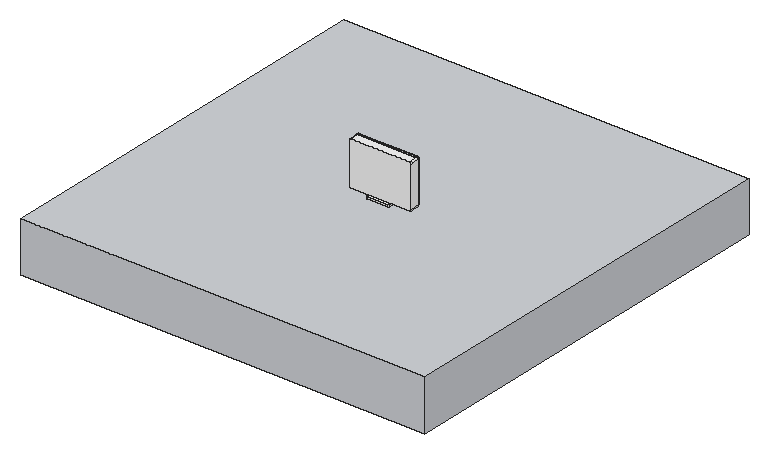
Revit family "SEWL-C", category Lighting Fixtures, host Face, Revit 2012
Parameters (values of type "SEWL")
  Wattage Comments = "2.64-3.50W"
  Wattage = 9.2903 W
  built-in parameter 1150110 = 1 (stored number, unit not read)
  URL = "http://www.dual-lite.com/"
  built-in parameter 1114217 = 1 (stored number, unit not read)
  built-in parameter 1150109 = 1 (stored number, unit not read)
  built-in parameter 1150134 = 3
  built-in parameter 1150113 = 1 (stored number, unit not read)
  Product Page URL = "http://www.dual-lite.com/products/sewl_series/"
  Product Documentation Link = "http://www.dual-lite.com/content/products/specs/specs_files/0603428b_sewl_spec_sheet.pdf"
  Mounting = "Wall Mount"  # constant formula
  Model = "SEWL"  # constant formula
  Manufacturer Phone = "(864)-678-1000"  # constant formula
  Manufacturer Fax = "(864)-678-1415"  # constant formula
  Manufacturer = "Dual-Lite"  # constant formula
  built-in parameter 1150105 = 109.82 (stored number, unit not read)
  Lumens = 1380 lm
  built-in parameter 1150115 = 1 (stored number, unit not read)
  Light Source Symbol Size = 0.200"
  built-in parameter 1150137 = (empty or 0)
  built-in parameter 1150139 = (empty or 0)
  Lettering = Red
  built-in parameter 1150112 = 1 (stored number, unit not read)
  built-in parameter 1150114 = 1 (stored number, unit not read)
  Lamp = "LED"  # constant formula
  built-in parameter 1150132 = (empty or 0)
  built-in parameter 1150102 = (empty or 0)
  built-in parameter 1150107 = 3200 (stored number, unit not read)
  built-in parameter 1150138 = (empty or 0)
  built-in parameter 1150106 = 1.0982 (stored number, unit not read)
  Glass = Glass
  Family = "Outdoor Emergency Lighting"  # constant formula
  Emit from Line Length = 14.000"
  built-in parameter 1150104 = 13.8 (stored number, unit not read)
  Dimming Lamp Color Temperature Shift = <None>
  Description = "Exit Sign, Harsh Environment, Die-Cast Aluminum Housing"  # constant formula
  Default Elevation = 48.000"
  Color Filter = 16777215
  built-in parameter 1114218 = 1 (stored number, unit not read)
  Backbox = White
  built-in parameter 1150133 = 10 (stored number, unit not read)
Reference planes (in)
  plane 1 "Center (Front/Back)": y = 0.03999
  plane 2: z = 0.06357
  plane 3 "Center (Left/Right)": x = 0
  plane 4: x = -7.34375
  plane 5: y = 9.80179
  plane 6: z = 10.93507
  plane 7: x = 7.34375
  plane 8: z = 0.43426
  plane 9: y = -1.19361
  plane 10: y = 1.27359
  plane 11: y = -1.19361
  plane 12: y = -0.81857
  plane 13: z = 5.49907
  plane 14: y = 2.05222
  plane 15: y = -1.97223
  plane 16: z = 5.51289
  plane 17: z = 5.51289
  plane 18: y = 0.89855
Forms (in)
  Extrusion 1, solid
    sketch origin (0, 0, 0.06357) x (1, 0, 0) y (0, 1, 0)
      loop
        line (-48, 48) -> (-48, -48) -> (48, -48) -> (48, 48) -> (-48, 48)
    from 0 to -12
  Extrusion 2, solid, material "White" <- "Backbox"
    sketch origin (0, 0, 0.06357) x (1, 0, 0) y (0, 1, 0)
      loop
        line (-2.625, 1.85222) -> (-2.625, 0.03999) -> (-2.625, -1.77223)
        arc (-2.625, -1.77223) -> (-2.56642, -1.91365) -> (-2.425, -1.97223) r 0.2
        line (-2.425, -1.97223) -> (2.425, -1.97223)
        arc (2.425, -1.97223) -> (2.56642, -1.91365) -> (2.625, -1.77223) r 0.2
        line (2.625, -1.77223) -> (2.625, 0.03999) -> (2.625, 1.85222)
        arc (2.625, 1.85222) -> (2.56642, 1.99364) -> (2.425, 2.05222) r 0.2
        line (2.425, 2.05222) -> (-2.425, 2.05222)
        arc (-2.425, 2.05222) -> (-2.56642, 1.99364) -> (-2.625, 1.85222) r 0.2
    from 0 to 0.37069
  Extrusion 3, solid, material "White" <- "Backbox"
    sketch origin (0, 0.03999, 0) x (1, 0, 0) y (0, 0, 1)
      loop
        arc (-6.94375, 10.93507) -> (-7.22659, 10.81791) -> (-7.34375, 10.53507) r 0.4
        line (-7.34375, 10.53507) -> (-7.34375, 0.83426)
        arc (-7.34375, 0.83426) -> (-7.22659, 0.55141) -> (-6.94375, 0.43426) r 0.4
        line (-6.94375, 0.43426) -> (6.94375, 0.43426)
        arc (6.94375, 0.43426) -> (7.22659, 0.55141) -> (7.34375, 0.83426) r 0.4
        line (7.34375, 0.83426) -> (7.34375, 10.53507)
        arc (7.34375, 10.53507) -> (7.22659, 10.81791) -> (6.94375, 10.93507) r 0.4
        line (6.94375, 10.93507) -> (-6.94375, 10.93507)
    from -0.71562 to 1.2336
  Extrusion 4, solid, material "Glass" <- "Glass"
    sketch origin (0, 0.03999, 0) x (1, 0, 0) y (0, 0, 1)
      loop
        line (-7.34375, 10.53507) -> (-7.34375, 0.83426)
        arc (-7.34375, 0.83426) -> (-7.22659, 0.55141) -> (-6.94375, 0.43426) r 0.4
        line (-6.94375, 0.43426) -> (6.94375, 0.43426)
        arc (6.94375, 0.43426) -> (7.22659, 0.55141) -> (7.34375, 0.83426) r 0.4
        line (7.34375, 0.83426) -> (7.34375, 10.53507)
        arc (7.34375, 10.53507) -> (7.22659, 10.81791) -> (6.94375, 10.93507) r 0.4
        line (6.94375, 10.93507) -> (-6.94375, 10.93507)
        arc (-6.94375, 10.93507) -> (-7.22659, 10.81791) -> (-7.34375, 10.53507) r 0.4
      loop
        line (-7.24375, 10.53507) -> (-7.24375, 0.83426)
        arc (-7.24375, 0.83426) -> (-7.15588, 0.62213) -> (-6.94375, 0.53426) r 0.3
        line (-6.94375, 0.53426) -> (6.94375, 0.53426)
        arc (6.94375, 0.53426) -> (7.15588, 0.62213) -> (7.24375, 0.83426) r 0.3
        line (7.24375, 0.83426) -> (7.24375, 10.53507)
        arc (7.24375, 10.53507) -> (7.15588, 10.7472) -> (6.94375, 10.83507) r 0.3
        line (6.94375, 10.83507) -> (-6.94375, 10.83507)
        arc (-6.94375, 10.83507) -> (-7.15588, 10.7472) -> (-7.24375, 10.53507) r 0.3
    from -1.2336 to -0.71562
  Extrusion 5, solid, material "White" <- "Backbox"
    sketch origin (0, 0.03999, 0) x (1, 0, 0) y (0, 0, -1)
      loop
        line (-6.14375, -9.73507) -> (6.14375, -9.73507) -> (6.14375, -1.26357) -> (-6.14375, -1.26357) -> (-6.14375, -9.73507)
    from 0.71562 to 0.85856
  Extrusion 6, solid, material "Glass" <- "Glass"
    sketch origin (0, 0.03999, 0) x (1, 0, 0) y (0, 0, 1)
      loop
        arc (-7.24375, 0.83426) -> (-7.15588, 0.62213) -> (-6.94375, 0.53426) r 0.3
        line (-6.94375, 0.53426) -> (6.94375, 0.53426)
        arc (6.94375, 0.53426) -> (7.15588, 0.62213) -> (7.24375, 0.83426) r 0.3
        line (7.24375, 0.83426) -> (7.24375, 10.53507)
        arc (7.24375, 10.53507) -> (7.15588, 10.7472) -> (6.94375, 10.83507) r 0.3
        line (6.94375, 10.83507) -> (-6.94375, 10.83507)
        arc (-6.94375, 10.83507) -> (-7.15588, 10.7472) -> (-7.24375, 10.53507) r 0.3
        line (-7.24375, 10.53507) -> (-7.24375, 0.83426)
    from -1.2336 to -1.1094
  Extrusion 7, solid, material "Red" <- "Lettering"
    sketch origin (1.01086, 0.07998, 10.39252) x (-1, 0, 0) y (0, 0, 1)
      loop
        line (4.26086, -7.32353) -> (3.07884, -7.32353) -> (3.07884, -7.82353) -> (4.76086, -7.82353) -> (4.76086, -4.92704) -> (4.76086, -2.03056) -> (3.07884, -2.03056) -> (3.07884, -2.53056) -> (4.26086, -2.53056) -> (4.26086, -4.61247) -> (3.07884, -4.61247) -> (3.07884, -4.92704) -> (3.07884, -5.24161) -> (4.26086, -5.24161) -> (4.26086, -7.32353)
      loop
        line (2.47814, -7.82243) -> (1.80969, -4.92704) -> (2.47814, -2.03165) -> (1.82285, -2.03165) -> (1.53481, -2.82304) -> (1.24677, -2.03165) -> (0.59148, -2.03165) -> (1.25993, -4.92704) -> (0.59148, -7.82243) -> (1.24677, -7.82243) -> (1.53481, -7.03104) -> (1.82285, -7.82243) -> (2.47814, -7.82243)
      loop
        line (-0.17116, -7.82353) -> (-0.17116, -2.03165) -> (-0.771, -2.03165) -> (-0.771, -7.82353) -> (-0.17116, -7.82353)
      loop
        line (-2.15022, -2.03165) -> (-2.75006, -2.03165) -> (-2.75006, -7.09997) -> (-3.61882, -7.09997) -> (-3.61882, -7.75526) -> (-1.36882, -7.75526) -> (-1.36882, -7.09997) -> (-2.15022, -7.09997) -> (-2.15022, -2.03165)
    from 0.81857 to 0.89925
  Extrusion 8, solid, material "Red"
    sketch origin (-0.2455, 0, 8.53659) x (1, 0, 0) y (0, 0, -1)
      loop
        line (-4.97072, 3.79907) -> (-5.7461, 3.02369) -> (-4.97072, 2.24831) -> (-4.58478, 2.24831) -> (-5.36016, 3.02369) -> (-4.58478, 3.79907) -> (-4.97072, 3.79907)
      loop
        line (5.42318, 3.79907) -> (5.03724, 3.79907) -> (5.81262, 3.02369) -> (5.03724, 2.24831) -> (5.42318, 2.24831) -> (6.19856, 3.02369) -> (5.42318, 3.79907)
    from 0.89855 to 0.97923
Dimensions and locks (in)
  locked: plane 4 to plane 3 "Center (Left/Right)" at 7.34375
  locked: plane 6 to plane 2 at 10.8715
  locked: plane 3 "Center (Left/Right)" to Extrusion 2 at 2.625
  locked: plane 7 to plane 3 "Center (Left/Right)" at 7.34375
  locked: Extrusion 5 sketch curve to Extrusion 5 sketch curve at 8.4715
  locked: Extrusion 5 sketch curve to Extrusion 5 sketch curve at 12.2875
  locked: plane 6 to Extrusion 8 at 6.19755
  locked: level to Extrusion 7 at 3.00543
  locked: Extrusion 7 to plane 3 "Center (Left/Right)" at 3.25
  locked: level to Extrusion 5 at 9.6715
  aligned and locked: plane 2 to Extrusion 1
  aligned and locked: Extrusion 3 sketch curve to plane 6
  aligned and locked: plane 7 to Extrusion 3 sketch curve
  aligned and locked: plane 4 to Extrusion 3 sketch curve
  aligned and locked: plane 8 to Extrusion 2
  aligned and locked: Extrusion 3 to plane 8  (x2)
  aligned and locked: plane 14 to Extrusion 2
  aligned and locked: Extrusion 2 to plane 15
  aligned and locked: Extrusion 3 to Extrusion 4
  aligned and locked: Extrusion 7 sketch curve to Extrusion 7 sketch curve
  aligned and locked: Extrusion 8 sketch curve to plane 16  (x4)
  aligned and locked: plane 17 to Extrusion 8 sketch curve  (x4)
  aligned and locked: Extrusion 3 to plane 9
  aligned and locked: Extrusion 4 to Extrusion 6
  aligned and locked: Extrusion 5 to plane 18
Connectors (in)
  electrical at (0, 0, 0.06357), driven by "Description"
    settings: index 1, voltage 0 V, apparent load 0 VA, apparent load phase1 0 VA, apparent load phase2 0 VA, apparent load phase3 0 VA, power factor 1, load classification "Other", number of poles 1, system type 30, power factor state 1, is connector primary yes, connector utility no, sub classification motor no, connector description "Exit Sign, Harsh Environment, Die-Cast Aluminum Housing"
